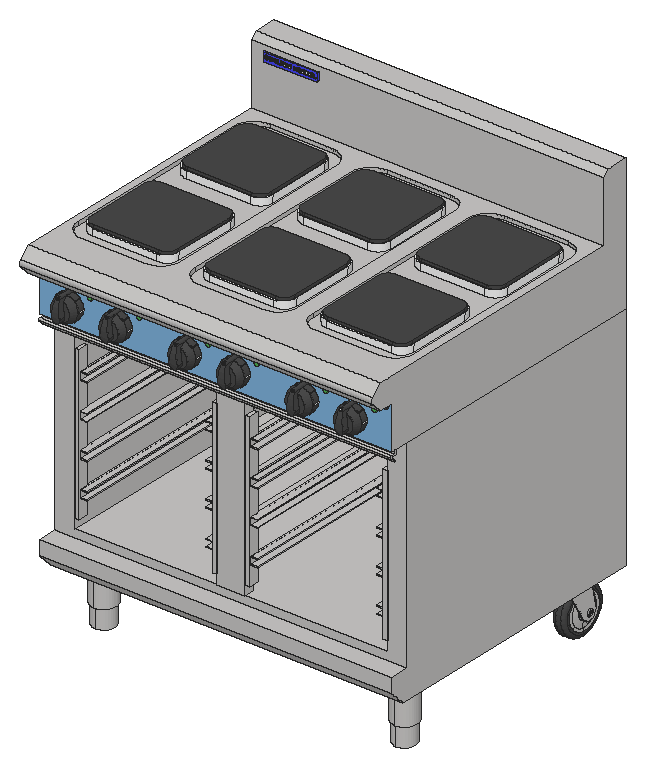
Revit family "QF_Moffat_E516S-CB_Electric_Cooktop_cat", category Specialty Equipment, Revit 2019 (continued)
Definition of nested family "QF_LOGO_BLue Seal"
  Forms (mm)
    Extrusion 1, solid
      sketch origin (0, 0, 0) x (1, 0, 0) y (0, 0, 1)
        loop
          arc (27.958, 7.169) -> (29.995, 9.206) -> (27.958, 11.243) r 2.037
          arc (27.958, 11.243) -> (29.995, 13.28) -> (27.958, 15.317) r 2.037
          line (27.958, 15.317) -> (16.625, 15.317)
        loop
          line (21.163, 13.835) -> (21.163, 12.291) -> (23.596, 12.291)
          arc (23.596, 12.291) -> (24.368, 13.063) -> (23.596, 13.835) r 0.772
          line (23.596, 13.835) -> (21.163, 13.835)
        loop
          line (21.163, 8.544) -> (23.596, 8.544)
          arc (23.596, 8.544) -> (24.368, 9.316) -> (23.596, 10.089) r 0.772
          line (23.596, 10.089) -> (21.163, 10.089) -> (21.163, 8.544)
        loop
          arc (32.475, 15.317) -> (31.768, 15.024) -> (31.475, 14.317) r 1
          line (31.475, 14.317) -> (31.475, 8.169)
          arc (31.475, 8.169) -> (31.768, 7.461) -> (32.475, 7.169) r 1
          line (32.475, 7.169) -> (41.849, 7.169)
          arc (41.849, 7.169) -> (42.859, 8.178) -> (41.849, 9.188) r 1.01
          line (41.849, 9.188) -> (37.262, 9.188) -> (37.262, 14.317)
          arc (37.262, 14.317) -> (36.969, 15.024) -> (36.262, 15.317) r 1
          line (36.262, 15.317) -> (32.475, 15.317)
        loop
          arc (44.648, 15.317) -> (43.941, 15.024) -> (43.648, 14.317) r 1
          line (43.648, 14.317) -> (43.648, 9.124)
          arc (43.648, 9.124) -> (44.221, 7.741) -> (45.604, 7.169) r 1.956
          line (45.604, 7.169) -> (55.306, 7.169)
          arc (55.306, 7.169) -> (56.749, 7.766) -> (57.347, 9.209) r 2.04
          line (57.347, 9.209) -> (57.347, 14.358)
          arc (57.347, 14.358) -> (57.066, 15.036) -> (56.388, 15.317) r 0.959
          line (56.388, 15.317) -> (52.676, 15.317)
          arc (52.676, 15.317) -> (51.968, 15.024) -> (51.676, 14.317) r 1
          line (51.676, 14.317) -> (51.676, 10.17)
          arc (51.676, 10.17) -> (50.529, 9.024) -> (49.383, 10.17) r 1.146
          line (49.383, 10.17) -> (49.383, 14.317)
          arc (49.383, 14.317) -> (49.09, 15.024) -> (48.383, 15.317) r 1
          line (48.383, 15.317) -> (44.648, 15.317)
        loop
          arc (60.035, 15.317) -> (59.328, 15.024) -> (59.035, 14.317) r 1
          line (59.035, 14.317) -> (59.035, 8.169)
          arc (59.035, 8.169) -> (59.328, 7.461) -> (60.035, 7.169) r 1
          line (60.035, 7.169) -> (69.845, 7.169)
          arc (69.845, 7.169) -> (70.828, 8.152) -> (69.845, 9.135) r 0.983
          line (69.845, 9.135) -> (65.06, 9.135) -> (65.06, 10.415) -> (69.988, 10.415)
          arc (69.988, 10.415) -> (70.828, 11.255) -> (69.988, 12.095) r 0.84
          line (69.988, 12.095) -> (65.06, 12.095) -> (65.06, 13.215) -> (69.777, 13.215)
          arc (69.777, 13.215) -> (70.828, 14.266) -> (69.777, 15.317) r 1.051
          line (69.777, 15.317) -> (60.035, 15.317)
        loop
          line (77.315, 14.317) -> (77.315, 11.634)
          arc (77.315, 11.634) -> (77.608, 10.927) -> (78.315, 10.634) r 1
          line (78.315, 10.634) -> (85.957, 10.634) -> (85.957, 8.756) -> (82.871, 8.756) -> (82.871, 9.708) -> (77.315, 9.708) -> (77.315, 8.169)
          arc (77.315, 8.169) -> (77.608, 7.461) -> (78.315, 7.169) r 1
          line (78.315, 7.169) -> (90.614, 7.169)
          arc (90.614, 7.169) -> (91.321, 7.461) -> (91.614, 8.169) r 1
          line (91.614, 8.169) -> (91.614, 11.073)
          arc (91.614, 11.073) -> (91.322, 11.778) -> (90.617, 12.07) r 0.996
          line (90.617, 12.07) -> (82.871, 12.07) -> (82.871, 13.786) -> (85.957, 13.786) -> (85.957, 12.856) -> (91.614, 12.856) -> (91.614, 14.317)
          arc (91.614, 14.317) -> (91.321, 15.024) -> (90.614, 15.317) r 1
          line (90.614, 15.317) -> (78.315, 15.317)
          arc (78.315, 15.317) -> (77.608, 15.024) -> (77.315, 14.317) r 1
        loop
          arc (107.404, 15.317) -> (106.697, 15.024) -> (106.404, 14.317) r 1
          line (106.404, 14.317) -> (106.404, 8.169)
          arc (106.404, 8.169) -> (106.697, 7.461) -> (107.404, 7.169) r 1
          line (107.404, 7.169) -> (111.34, 7.169)
          arc (111.34, 7.169) -> (112.047, 7.461) -> (112.34, 8.169) r 1
          line (112.34, 8.169) -> (112.34, 9.135) -> (115.1, 9.135) -> (115.1, 8.169)
          arc (115.1, 8.169) -> (115.393, 7.461) -> (116.1, 7.169) r 1
          line (116.1, 7.169) -> (119.975, 7.169)
          arc (119.975, 7.169) -> (120.682, 7.461) -> (120.975, 8.169) r 1
          line (120.975, 8.169) -> (120.975, 14.317)
          arc (120.975, 14.317) -> (120.682, 15.024) -> (119.975, 15.317) r 1
          line (119.975, 15.317) -> (107.404, 15.317)
        loop
          arc (94.016, 15.317) -> (93.309, 15.024) -> (93.016, 14.317) r 1
          line (93.016, 14.317) -> (93.016, 8.169)
          arc (93.016, 8.169) -> (93.309, 7.461) -> (94.016, 7.169) r 1
          line (94.016, 7.169) -> (103.826, 7.169)
          arc (103.826, 7.169) -> (104.809, 8.152) -> (103.826, 9.135) r 0.983
          line (103.826, 9.135) -> (99.041, 9.135) -> (99.041, 10.415) -> (103.969, 10.415)
          arc (103.969, 10.415) -> (104.809, 11.255) -> (103.969, 12.095) r 0.84
          line (103.969, 12.095) -> (99.041, 12.095) -> (99.041, 13.215) -> (103.759, 13.215)
          arc (103.759, 13.215) -> (104.809, 14.266) -> (103.759, 15.317) r 1.051
          line (103.759, 15.317) -> (94.016, 15.317)
        loop
          line (112.34, 11.583) -> (115.1, 11.583) -> (115.1, 12.915)
          arc (115.1, 12.915) -> (114.954, 13.268) -> (114.6, 13.415) r 0.5
          line (114.6, 13.415) -> (112.84, 13.415)
          arc (112.84, 13.415) -> (112.487, 13.268) -> (112.34, 12.915) r 0.5
          line (112.34, 12.915) -> (112.34, 11.583)
        loop
          arc (123.692, 15.317) -> (122.985, 15.024) -> (122.692, 14.317) r 1
          line (122.692, 14.317) -> (122.692, 8.169)
          arc (122.692, 8.169) -> (122.985, 7.461) -> (123.692, 7.169) r 1
          line (123.692, 7.169) -> (133.067, 7.169)
          arc (133.067, 7.169) -> (134.076, 8.178) -> (133.067, 9.188) r 1.01
          line (133.067, 9.188) -> (128.479, 9.188) -> (128.479, 14.317)
          arc (128.479, 14.317) -> (128.186, 15.024) -> (127.479, 15.317) r 1
          line (127.479, 15.317) -> (123.692, 15.317)
        loop
          circle (8.135, 11.2) r 4.581
      from 0 to 3.2
    Extrusion 2, solid
      sketch origin (0, 0, 0) x (1, 0, 0) y (0, 0, 1)
        loop
          circle (8.135, 11.2) r 4.581
        loop
          line (8.289, 15.169) -> (8.289, 7.231)
          arc (8.289, 7.231) -> (12.08, 11.2) -> (8.289, 15.169) r 3.973
        loop
          arc (16.625, 15.317) -> (15.943, 15.034) -> (15.66, 14.352) r 0.965
          line (15.66, 14.352) -> (15.66, 8.169)
          arc (15.66, 8.169) -> (15.953, 7.461) -> (16.66, 7.169) r 1
          line (16.66, 7.169) -> (27.958, 7.169)
          arc (27.958, 7.169) -> (29.995, 9.206) -> (27.958, 11.243) r 2.037
          arc (27.958, 11.243) -> (29.995, 13.28) -> (27.958, 15.317) r 2.037
          line (27.958, 15.317) -> (16.625, 15.317)
        loop
          line (21.163, 12.291) -> (23.596, 12.291)
          arc (23.596, 12.291) -> (24.368, 13.063) -> (23.596, 13.835) r 0.772
          line (23.596, 13.835) -> (21.163, 13.835) -> (21.163, 12.291)
        loop
          line (23.596, 10.089) -> (21.163, 10.089) -> (21.163, 8.544) -> (23.596, 8.544)
          arc (23.596, 8.544) -> (24.368, 9.316) -> (23.596, 10.089) r 0.772
        loop
          arc (37.262, 14.317) -> (36.969, 15.024) -> (36.262, 15.317) r 1
          line (36.262, 15.317) -> (32.475, 15.317)
          arc (32.475, 15.317) -> (31.768, 15.024) -> (31.475, 14.317) r 1
          line (31.475, 14.317) -> (31.475, 8.169)
          arc (31.475, 8.169) -> (31.768, 7.461) -> (32.475, 7.169) r 1
          line (32.475, 7.169) -> (41.849, 7.169)
          arc (41.849, 7.169) -> (42.859, 8.178) -> (41.849, 9.188) r 1.01
          line (41.849, 9.188) -> (37.262, 9.188) -> (37.262, 14.317)
        loop
          arc (43.648, 9.124) -> (44.221, 7.741) -> (45.604, 7.169) r 1.956
          line (45.604, 7.169) -> (55.306, 7.169)
          arc (55.306, 7.169) -> (56.749, 7.766) -> (57.347, 9.209) r 2.04
          line (57.347, 9.209) -> (57.347, 14.358)
          arc (57.347, 14.358) -> (57.066, 15.036) -> (56.388, 15.317) r 0.959
          line (56.388, 15.317) -> (52.676, 15.317)
          arc (52.676, 15.317) -> (51.968, 15.024) -> (51.676, 14.317) r 1
          line (51.676, 14.317) -> (51.676, 10.17)
          arc (51.676, 10.17) -> (50.529, 9.024) -> (49.383, 10.17) r 1.146
          line (49.383, 10.17) -> (49.383, 14.317)
          arc (49.383, 14.317) -> (49.09, 15.024) -> (48.383, 15.317) r 1
          line (48.383, 15.317) -> (44.648, 15.317)
          arc (44.648, 15.317) -> (43.941, 15.024) -> (43.648, 14.317) r 1
          line (43.648, 14.317) -> (43.648, 9.124)
        loop
          arc (69.777, 13.215) -> (70.828, 14.266) -> (69.777, 15.317) r 1.051
          line (69.777, 15.317) -> (60.035, 15.317)
          arc (60.035, 15.317) -> (59.328, 15.024) -> (59.035, 14.317) r 1
          line (59.035, 14.317) -> (59.035, 8.169)
          arc (59.035, 8.169) -> (59.328, 7.461) -> (60.035, 7.169) r 1
          line (60.035, 7.169) -> (69.845, 7.169)
          arc (69.845, 7.169) -> (70.828, 8.152) -> (69.845, 9.135) r 0.983
          line (69.845, 9.135) -> (65.06, 9.135) -> (65.06, 10.415) -> (69.988, 10.415)
          arc (69.988, 10.415) -> (70.828, 11.255) -> (69.988, 12.095) r 0.84
          line (69.988, 12.095) -> (65.06, 12.095) -> (65.06, 13.215) -> (69.777, 13.215)
        loop
          line (82.871, 13.786) -> (85.957, 13.786) -> (85.957, 12.856) -> (91.614, 12.856) -> (91.614, 14.317)
          arc (91.614, 14.317) -> (91.321, 15.024) -> (90.614, 15.317) r 1
          line (90.614, 15.317) -> (78.315, 15.317)
          arc (78.315, 15.317) -> (77.608, 15.024) -> (77.315, 14.317) r 1
          line (77.315, 14.317) -> (77.315, 11.634)
          arc (77.315, 11.634) -> (77.608, 10.927) -> (78.315, 10.634) r 1
          line (78.315, 10.634) -> (85.957, 10.634) -> (85.957, 8.756) -> (82.871, 8.756) -> (82.871, 9.708) -> (77.315, 9.708) -> (77.315, 8.169)
          arc (77.315, 8.169) -> (77.608, 7.461) -> (78.315, 7.169) r 1
          line (78.315, 7.169) -> (90.614, 7.169)
          arc (90.614, 7.169) -> (91.321, 7.461) -> (91.614, 8.169) r 1
          line (91.614, 8.169) -> (91.614, 11.073)
          arc (91.614, 11.073) -> (91.322, 11.778) -> (90.617, 12.07) r 0.996
          line (90.617, 12.07) -> (82.871, 12.07) -> (82.871, 13.786)
        loop
          arc (103.759, 13.215) -> (104.809, 14.266) -> (103.759, 15.317) r 1.051
          line (103.759, 15.317) -> (94.016, 15.317)
          arc (94.016, 15.317) -> (93.309, 15.024) -> (93.016, 14.317) r 1
          line (93.016, 14.317) -> (93.016, 8.169)
          arc (93.016, 8.169) -> (93.309, 7.461) -> (94.016, 7.169) r 1
          line (94.016, 7.169) -> (103.826, 7.169)
          arc (103.826, 7.169) -> (104.809, 8.152) -> (103.826, 9.135) r 0.983
          line (103.826, 9.135) -> (99.041, 9.135) -> (99.041, 10.415) -> (103.969, 10.415)
          arc (103.969, 10.415) -> (104.809, 11.255) -> (103.969, 12.095) r 0.84
          line (103.969, 12.095) -> (99.041, 12.095) -> (99.041, 13.215) -> (103.759, 13.215)
        loop
          line (112.34, 12.915) -> (112.34, 11.583) -> (115.1, 11.583) -> (115.1, 12.915)
          arc (115.1, 12.915) -> (114.954, 13.268) -> (114.6, 13.415) r 0.5
          line (114.6, 13.415) -> (112.84, 13.415)
          arc (112.84, 13.415) -> (112.487, 13.268) -> (112.34, 12.915) r 0.5
        loop
          arc (119.975, 7.169) -> (120.682, 7.461) -> (120.975, 8.169) r 1
          line (120.975, 8.169) -> (120.975, 14.317)
          arc (120.975, 14.317) -> (120.682, 15.024) -> (119.975, 15.317) r 1
          line (119.975, 15.317) -> (107.404, 15.317)
          arc (107.404, 15.317) -> (106.697, 15.024) -> (106.404, 14.317) r 1
          line (106.404, 14.317) -> (106.404, 8.169)
          arc (106.404, 8.169) -> (106.697, 7.461) -> (107.404, 7.169) r 1
          line (107.404, 7.169) -> (111.34, 7.169)
          arc (111.34, 7.169) -> (112.047, 7.461) -> (112.34, 8.169) r 1
          line (112.34, 8.169) -> (112.34, 9.135) -> (115.1, 9.135) -> (115.1, 8.169)
          arc (115.1, 8.169) -> (115.393, 7.461) -> (116.1, 7.169) r 1
          line (116.1, 7.169) -> (119.975, 7.169)
        loop
          arc (122.692, 8.169) -> (122.985, 7.461) -> (123.692, 7.169) r 1
          line (123.692, 7.169) -> (133.067, 7.169)
          arc (133.067, 7.169) -> (134.076, 8.178) -> (133.067, 9.188) r 1.01
          line (133.067, 9.188) -> (128.479, 9.188) -> (128.479, 14.317)
          arc (128.479, 14.317) -> (128.186, 15.024) -> (127.479, 15.317) r 1
          line (127.479, 15.317) -> (123.692, 15.317)
          arc (123.692, 15.317) -> (122.985, 15.024) -> (122.692, 14.317) r 1
          line (122.692, 14.317) -> (122.692, 8.169)
        loop
          line (8.019, 7.227) -> (8.019, 15.172)
          arc (8.019, 15.172) -> (4.133, 11.2) -> (8.019, 7.227) r 3.973
      from 0 to 3.2
    Extrusion 3, solid
      sketch origin (0, 0, 0) x (1, 0, 0) y (0, 0, 1)
        loop
          line (8.289, 15.169) -> (8.289, 7.231)
          arc (8.289, 7.231) -> (12.08, 11.2) -> (8.289, 15.169) r 3.973
      from 0 to 3.2
    Extrusion 4, solid
      sketch origin (16.271, 0, 0) x (-1, 0, 0) y (0, 0, -1)
        loop
          arc (8.252, -15.172) -> (12.138, -11.2) -> (8.252, -7.227) r 3.973
          line (8.252, -7.227) -> (8.252, -15.172)
      from 0 to 3.2
  Dimensions and locks
    equal spacing: plane 3 "LEFT", plane 7 "Center Y", plane 4 "RIGHT"
    "Length": plane 3 "LEFT" to plane 4 "RIGHT"
    equal spacing: plane 5 "FRONT", plane 8 "Center X", plane 1 "BACK"
    "Depth": plane 5 "FRONT" to plane 1 "BACK"
    "Height": plane 6 "TOP" to level
    plane 4 "RIGHT" to plane 3 "LEFT" = 138 mm
    aligned and locked: level to plane 2
  Automatic sketch dimensions
    Extrusion 1 sketch curve to Extrusion 1 sketch curve = 0 mm  (x12)
    Extrusion 1 sketch curve to plane 3 "LEFT" = 0 mm
    Extrusion 1 sketch curve to level = 0 mm
    Extrusion 1 sketch curve to plane 6 "TOP" = 0 mm
    plane 4 "RIGHT" to Extrusion 1 sketch curve = 0 mm
    plane 3 "LEFT" to Extrusion 1 sketch curve = 2 mm
    Extrusion 1 sketch curve to Extrusion 1 sketch curve = 2 mm
    plane 3 "LEFT" to Extrusion 1 sketch curve = 8.135 mm
    Extrusion 1 sketch curve to Extrusion 1 sketch curve = 7.524 mm
    Extrusion 1 sketch curve to Extrusion 1 sketch curve = 0.965 mm
    Extrusion 1 sketch curve to Extrusion 1 sketch curve = 1 mm  (x22)
    Extrusion 1 sketch curve to Extrusion 1 sketch curve = 4.503 mm
    Extrusion 1 sketch curve to Extrusion 1 sketch curve = 2.434 mm  (x2)
    Extrusion 1 sketch curve to Extrusion 1 sketch curve = 4.362 mm
    Extrusion 1 sketch curve to Extrusion 1 sketch curve = 3.517 mm
    Extrusion 1 sketch curve to Extrusion 1 sketch curve = 3.787 mm  (x2)
    Extrusion 1 sketch curve to Extrusion 1 sketch curve = 4.787 mm
    Extrusion 1 sketch curve to Extrusion 1 sketch curve = 4.588 mm
    Extrusion 1 sketch curve to Extrusion 1 sketch curve = 1.798 mm
    Extrusion 1 sketch curve to Extrusion 1 sketch curve = 1.956 mm  (x2)
    Extrusion 1 sketch curve to Extrusion 1 sketch curve = 3.735 mm
    Extrusion 1 sketch curve to Extrusion 1 sketch curve = 3.779 mm
    Extrusion 1 sketch curve to Extrusion 1 sketch curve = 1.146 mm
    Extrusion 1 sketch curve to Extrusion 1 sketch curve = 3.631 mm
    Extrusion 1 sketch curve to Extrusion 1 sketch curve = 3.713 mm
    Extrusion 1 sketch curve to Extrusion 1 sketch curve = 0.959 mm
    Extrusion 1 sketch curve to Extrusion 1 sketch curve = 1.688 mm
    Extrusion 1 sketch curve to plane 7 "Center Y" = 3.94 mm
    plane 7 "Center Y" to Extrusion 1 sketch curve = 0.777 mm
    plane 7 "Center Y" to Extrusion 1 sketch curve = 0.845 mm
    plane 7 "Center Y" to Extrusion 1 sketch curve = 0.988 mm
    Extrusion 1 sketch curve to Extrusion 1 sketch curve = 7.327 mm
    Extrusion 1 sketch curve to Extrusion 1 sketch curve = 4.556 mm
    Extrusion 1 sketch curve to Extrusion 1 sketch curve = 3.087 mm
    Extrusion 1 sketch curve to Extrusion 1 sketch curve = 4.657 mm  (x2)
    Extrusion 1 sketch curve to Extrusion 1 sketch curve = 0.004 mm
    Extrusion 1 sketch curve to Extrusion 1 sketch curve = 0.996 mm  (x2)
    Extrusion 1 sketch curve to Extrusion 1 sketch curve = 1.402 mm
    Extrusion 1 sketch curve to Extrusion 1 sketch curve = 5.025 mm
    Extrusion 1 sketch curve to Extrusion 1 sketch curve = 4.717 mm
    Extrusion 1 sketch curve to Extrusion 1 sketch curve = 4.785 mm
    Extrusion 1 sketch curve to Extrusion 1 sketch curve = 0.211 mm
    Extrusion 1 sketch curve to Extrusion 1 sketch curve = 2.645 mm
    Extrusion 1 sketch curve to Extrusion 1 sketch curve = 3.936 mm
    Extrusion 1 sketch curve to Extrusion 1 sketch curve = 0.5 mm  (x2)
    Extrusion 1 sketch curve to Extrusion 1 sketch curve = 1.76 mm
    Extrusion 1 sketch curve to Extrusion 1 sketch curve = 2.76 mm
    Extrusion 1 sketch curve to Extrusion 1 sketch curve = 4.875 mm
    Extrusion 1 sketch curve to Extrusion 1 sketch curve = 3.875 mm
    Extrusion 1 sketch curve to Extrusion 1 sketch curve = 1.717 mm
    plane 4 "RIGHT" to Extrusion 1 sketch curve = 4.933 mm
    plane 4 "RIGHT" to Extrusion 1 sketch curve = 2 mm  (x2)
    level to Extrusion 1 sketch curve = 7.169 mm  (x5)
    Extrusion 1 sketch curve to Extrusion 1 sketch curve = 5.169 mm
    Extrusion 1 sketch curve to Extrusion 1 sketch curve = 0.983 mm  (x2)
    Extrusion 1 sketch curve to Extrusion 1 sketch curve = 1.01 mm  (x2)
    Extrusion 1 sketch curve to Extrusion 1 sketch curve = 0.376 mm
    Extrusion 1 sketch curve to Extrusion 1 sketch curve = 0.588 mm
    Extrusion 1 sketch curve to Extrusion 1 sketch curve = 0.966 mm
    Extrusion 1 sketch curve to Extrusion 1 sketch curve = 2.037 mm  (x2)
    Extrusion 1 sketch curve to Extrusion 1 sketch curve = 0.772 mm  (x2)
    Extrusion 1 sketch curve to Extrusion 1 sketch curve = 0.952 mm
    Extrusion 1 sketch curve to Extrusion 1 sketch curve = 1.046 mm
    Extrusion 1 sketch curve to Extrusion 1 sketch curve = 1.28 mm  (x2)
    Extrusion 1 sketch curve to Extrusion 1 sketch curve = 1.878 mm
    Extrusion 1 sketch curve to Extrusion 1 sketch curve = 2.905 mm
    Extrusion 1 sketch curve to Extrusion 1 sketch curve = 3.031 mm
    Extrusion 1 sketch curve to Extrusion 1 sketch curve = 0.84 mm  (x2)
    Extrusion 1 sketch curve to Extrusion 1 sketch curve = 2.448 mm
    Extrusion 1 sketch curve to Extrusion 1 sketch curve = 2.202 mm
    Extrusion 1 sketch curve to Extrusion 1 sketch curve = 0.786 mm
    Extrusion 1 sketch curve to Extrusion 1 sketch curve = 1.332 mm
    Extrusion 1 sketch curve to Extrusion 1 sketch curve = 1.12 mm  (x2)
    Extrusion 1 sketch curve to Extrusion 1 sketch curve = 1.716 mm
    Extrusion 1 sketch curve to Extrusion 1 sketch curve = 1.051 mm  (x2)
    Extrusion 1 sketch curve to Extrusion 1 sketch curve = 4.147 mm
    Extrusion 1 sketch curve to Extrusion 1 sketch curve = 5.129 mm
    Extrusion 1 sketch curve to Extrusion 1 sketch curve = 0.051 mm
    Extrusion 1 sketch curve to Extrusion 1 sketch curve = 1.037 mm
    Extrusion 1 sketch curve to Extrusion 1 sketch curve = 0.516 mm
    plane 3 "LEFT" to Extrusion 1 sketch curve = 3.555 mm
    Extrusion 2 sketch curve to Extrusion 2 sketch curve = 0 mm  (x16)
    plane 3 "LEFT" to Extrusion 2 sketch curve = 8.019 mm
    Extrusion 2 sketch curve to Extrusion 2 sketch curve = 0.088 mm
    Extrusion 2 sketch curve to Extrusion 2 sketch curve = 0.029 mm
    Extrusion 2 sketch curve to Extrusion 2 sketch curve = 0.27 mm
    Extrusion 2 sketch curve to Extrusion 2 sketch curve = 7.371 mm
    Extrusion 2 sketch curve to Extrusion 2 sketch curve = 0.965 mm
    Extrusion 2 sketch curve to Extrusion 2 sketch curve = 1 mm  (x24)
    Extrusion 2 sketch curve to Extrusion 2 sketch curve = 4.503 mm
    Extrusion 2 sketch curve to Extrusion 2 sketch curve = 2.434 mm
    Extrusion 2 sketch curve to Extrusion 2 sketch curve = 4.362 mm
    Extrusion 2 sketch curve to Extrusion 2 sketch curve = 3.517 mm
    Extrusion 2 sketch curve to Extrusion 2 sketch curve = 3.787 mm  (x2)
    Extrusion 2 sketch curve to Extrusion 2 sketch curve = 4.787 mm  (x2)
    Extrusion 2 sketch curve to Extrusion 2 sketch curve = 4.588 mm  (x2)
    Extrusion 2 sketch curve to Extrusion 2 sketch curve = 1.798 mm
    Extrusion 2 sketch curve to Extrusion 2 sketch curve = 1.956 mm
    Extrusion 2 sketch curve to Extrusion 2 sketch curve = 3.735 mm
    Extrusion 2 sketch curve to Extrusion 2 sketch curve = 1.146 mm
    Extrusion 2 sketch curve to Extrusion 2 sketch curve = 3.631 mm
    Extrusion 2 sketch curve to Extrusion 2 sketch curve = 3.713 mm
    Extrusion 2 sketch curve to Extrusion 2 sketch curve = 0.959 mm
    Extrusion 2 sketch curve to Extrusion 2 sketch curve = 1.688 mm
    Extrusion 2 sketch curve to plane 7 "Center Y" = 3.94 mm
    plane 7 "Center Y" to Extrusion 2 sketch curve = 0.777 mm
    plane 7 "Center Y" to Extrusion 2 sketch curve = 0.845 mm
    plane 7 "Center Y" to Extrusion 2 sketch curve = 0.988 mm
    Extrusion 2 sketch curve to Extrusion 2 sketch curve = 7.327 mm
    Extrusion 2 sketch curve to Extrusion 2 sketch curve = 4.556 mm
    Extrusion 2 sketch curve to Extrusion 2 sketch curve = 3.087 mm
    Extrusion 2 sketch curve to Extrusion 2 sketch curve = 4.657 mm  (x2)
    Extrusion 2 sketch curve to Extrusion 2 sketch curve = 0.004 mm
    Extrusion 2 sketch curve to Extrusion 2 sketch curve = 0.996 mm
    Extrusion 2 sketch curve to Extrusion 2 sketch curve = 1.402 mm
    Extrusion 2 sketch curve to Extrusion 2 sketch curve = 5.025 mm
    Extrusion 2 sketch curve to Extrusion 2 sketch curve = 4.717 mm
    Extrusion 2 sketch curve to Extrusion 2 sketch curve = 4.785 mm
    Extrusion 2 sketch curve to Extrusion 2 sketch curve = 0.211 mm
    Extrusion 2 sketch curve to Extrusion 2 sketch curve = 2.578 mm
    Extrusion 2 sketch curve to Extrusion 2 sketch curve = 3.936 mm
    Extrusion 2 sketch curve to Extrusion 2 sketch curve = 0.5 mm  (x2)
    Extrusion 2 sketch curve to Extrusion 2 sketch curve = 1.76 mm
    Extrusion 2 sketch curve to Extrusion 2 sketch curve = 2.76 mm
    Extrusion 2 sketch curve to Extrusion 2 sketch curve = 3.875 mm
    Extrusion 2 sketch curve to Extrusion 2 sketch curve = 4.875 mm
    Extrusion 2 sketch curve to Extrusion 2 sketch curve = 1.717 mm
    level to Extrusion 2 sketch curve = 7.169 mm  (x6)
    level to Extrusion 2 sketch curve = 7.227 mm
    Extrusion 2 sketch curve to Extrusion 2 sketch curve = 0.003 mm
    Extrusion 2 sketch curve to Extrusion 2 sketch curve = 0.983 mm  (x2)
    Extrusion 2 sketch curve to Extrusion 2 sketch curve = 1.01 mm  (x2)
    Extrusion 2 sketch curve to Extrusion 2 sketch curve = 1.376 mm
    Extrusion 2 sketch curve to Extrusion 2 sketch curve = 0.588 mm
    Extrusion 2 sketch curve to Extrusion 2 sketch curve = 0.966 mm
    Extrusion 2 sketch curve to Extrusion 2 sketch curve = 2.037 mm  (x2)
    Extrusion 2 sketch curve to Extrusion 2 sketch curve = 0.772 mm  (x2)
    Extrusion 2 sketch curve to Extrusion 2 sketch curve = 1.539 mm
    Extrusion 2 sketch curve to Extrusion 2 sketch curve = 0.961 mm
    Extrusion 2 sketch curve to Extrusion 2 sketch curve = 1.28 mm  (x2)
    Extrusion 2 sketch curve to Extrusion 2 sketch curve = 1.878 mm
    Extrusion 2 sketch curve to Extrusion 2 sketch curve = 2.905 mm
    Extrusion 2 sketch curve to Extrusion 2 sketch curve = 3.969 mm
    Extrusion 2 sketch curve to Extrusion 2 sketch curve = 0.84 mm  (x2)
    Extrusion 2 sketch curve to Extrusion 2 sketch curve = 2.448 mm
    Extrusion 2 sketch curve to Extrusion 2 sketch curve = 2.202 mm
    Extrusion 2 sketch curve to Extrusion 2 sketch curve = 2.222 mm
    Extrusion 2 sketch curve to Extrusion 2 sketch curve = 1.332 mm
    Extrusion 2 sketch curve to Extrusion 2 sketch curve = 1.12 mm  (x2)
    Extrusion 2 sketch curve to Extrusion 2 sketch curve = 0.929 mm
    Extrusion 2 sketch curve to Extrusion 2 sketch curve = 1.051 mm  (x2)
    Extrusion 2 sketch curve to Extrusion 2 sketch curve = 5.129 mm  (x2)
    Extrusion 2 sketch curve to Extrusion 2 sketch curve = 4.147 mm
    Extrusion 2 sketch curve to Extrusion 2 sketch curve = 0.516 mm
    plane 3 "LEFT" to Extrusion 2 sketch curve = 3.555 mm
    plane 3 "LEFT" to Extrusion 3 sketch curve = 8.107 mm
    Extrusion 3 sketch curve to Extrusion 3 sketch curve = 0.182 mm
    level to Extrusion 3 sketch curve = 7.231 mm
    Extrusion 3 sketch curve to Extrusion 3 sketch curve = 3.969 mm
    Extrusion 4 sketch curve to plane 3 "LEFT" = 8.107 mm
    Extrusion 4 sketch curve to Extrusion 4 sketch curve = 0.088 mm
    Extrusion 4 sketch curve to level = 7.227 mm
    Extrusion 4 sketch curve to Extrusion 4 sketch curve = 3.972 mm
Definition of nested family "6 INCHES 02_CASTER"
  Parameters (values of type "6 INCHES 02_CASTER")
    Weight = ""
    URL Manufacturer = ""
    URL Cutsheet = ""
    URL = ""
    Type Mark [instance] = ""
    Specification by User [instance] = ""
    Specification by Manufacturer = ""
    Show Casters [instance] = yes
    Serial Number = ""
    Seismic Rating = ""
    SMACNA No = ""
    Revision Code [instance] = ""
    Omniclass Number and Title = ""
    NAFEM Spec ID Number = ""
    Model = ""
    MasterSpec. = ""
    Manufacturer = ""
    Item Number [instance] = ""
    Installed By [instance] = ""
    Identify Quantity as Lot [instance] = yes
    Furnished By [instance] = ""
    Foodservice Equipment Identifier [instance] = yes
    Description = ""
    CSI MasterFormat = ""
    CSI Master Format = ""
  Reference planes
    plane 1 "BACK": y = 0
    plane 2: z = 0
    plane 3 "LEFT": x = 0
    plane 4 "RIGHT": x = 0
    plane 5 "FRONT": y = 0
    plane 6 "TOP": z = 150
  Forms (mm)
    Revolve 1, solid, visible <- "Show Casters"
      sketch origin (-56.335, 0, -6.35) x (-1, 0, 0) y (0, 0, 1)
        loop
          line (-56.335, 152.4) -> (-56.335, 141.118) -> (-23.798, 141.118) -> (-23.798, 152.4) -> (-56.335, 152.4)
        axis (-56.335, 141.118) -> (-56.335, 152.4)
      angle from 0 to 360
    Extrusion 2, solid, visible <- "Show Casters"
      sketch origin (6.501, 53.083, -4.762) x (0, 1, 0) y (0, 0, 1)
        loop
          line (-85.799, 139.531) -> (-85.799, 133.181) -> (-42.478, 58.614)
          arc (-42.478, 58.614) -> (-16.638, 50.199) -> (-6.442, 75.39) r 19.923
          line (-6.442, 75.39) -> (-20.366, 139.531) -> (-85.799, 139.531)
      from 20.058 to 22.923
    Extrusion 3, solid, visible <- "Show Casters"
      sketch origin (0, 0, 146.05) x (0, 1, 0) y (-1, 0, 0)
        loop
          circle (0, 0) r 19.05
      from 0 to 3.95
    Extrusion 4, solid, visible <- "Show Casters"
      sketch origin (-6.501, 53.083, -4.762) x (0, 1, 0) y (0, 0, -1)
        loop
          line (-85.799, -133.181) -> (-85.799, -139.531) -> (-20.366, -139.531) -> (-6.442, -75.39)
          arc (-6.442, -75.39) -> (-16.638, -50.199) -> (-42.478, -58.614) r 19.923
          line (-42.478, -58.614) -> (-85.799, -133.181)
      from 20.058 to 22.923
    Extrusion 5, solid, visible <- "Show Casters"
      sketch origin (0, -3.253, 19.05) x (0, 1, 0) y (0, 0, 1)
        loop
          line (-29.464, 115.718) -> (-29.464, 109.368) -> (35.969, 109.368) -> (35.969, 115.718) -> (-29.464, 115.718)
      from -26.559 to 26.559
    Revolve 6, solid, visible <- "Show Casters"
      sketch origin (-49.213, 28.39, -3.252) x (1, 0, 0) y (0, 0, 1)
        loop
          line (14.841, 65.192) -> (14.841, 61.686) -> (16.111, 60.416) -> (17.635, 60.416) -> (17.635, 56.97) -> (29.782, 56.97) -> (29.782, 46.925) -> (33.069, 45.027) -> (36.232, 25.477) -> (32.544, 25.477) -> (32.544, 19.127) -> (33.338, 19.127) -> (33.338, 12.777)
          arc (33.338, 12.777) -> (36.127, 6.041) -> (42.863, 3.252) r 9.525
          line (42.863, 3.252) -> (55.563, 3.252)
          arc (55.563, 3.252) -> (62.298, 6.041) -> (65.088, 12.777) r 9.525
          line (65.088, 12.777) -> (65.088, 19.127) -> (65.881, 19.127) -> (65.881, 25.477) -> (62.193, 25.477) -> (65.371, 45.116) -> (68.644, 47.006) -> (68.644, 56.97) -> (80.79, 56.97) -> (80.79, 60.416) -> (82.314, 60.416) -> (83.584, 61.686) -> (83.584, 65.192) -> (14.841, 65.192)
        axis (14.841, 65.192) -> (83.584, 65.192)
      angle from 0 to 360
  Cuts and joins
    joined: Extrusion 2, Extrusion 4, Extrusion 5
  Lines and regions (mm)
    symbolic lines, visible <- "Show Casters"
      curve 1: line (11.652, 51.878, 0) -> (39.148, 36.003, 0)
      curve 2: line (-39.148, -36.11, 0) -> (-20.098, -3.115, 0)
      curve 3: line (-11.652, -51.985, 0) -> (-39.148, -36.11, 0)
      curve 4: line (39.148, 36.003, 0) -> (20.098, 3.007, 0)
      curve 5: line (-7.398, 18.882, 0) -> (11.652, 51.878, 0)
      curve 6: line (7.398, -18.99, 0) -> (-11.652, -51.985, 0)
  Dimensions and locks
    plane 6 "TOP" to level = 150 mm  (x2)
    aligned and locked: level to plane 2
